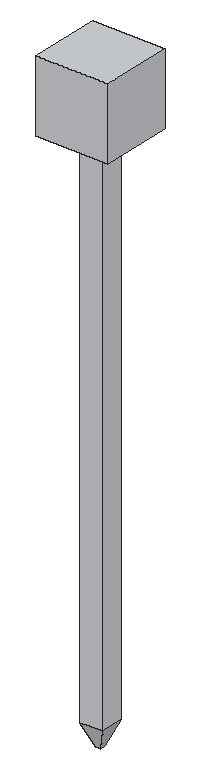
Revit family "Móng cọc 1 tim", category Structural Foundations, Revit 2018
Family settings
  Material for Model Behavior = Other
  Cap = No
  OmniClass Number = 23.25.05.00
  OmniClass Title = Foundations
  Work Plane-Based = No
  Always vertical = Yes
  Cut with Voids When Loaded = No
  Shared = No
Parameters
  a-ngam = 100 mm
  a = 50 mm
  Vật liệu móng = none
  Vật liệu cọc = none
  Lc = 6000 mm
  L = 800 mm
  H = 800 mm
  Bc = 250 mm
  B = 800 mm
Reference planes
  plane 1 "Center (Front/Back)": y = 0
  plane 2: z = 0
  plane 3 "Center (Left/Right)": x = 0
  plane 4: x = 400
  plane 5: x = -400
  plane 6: y = -400
  plane 7: y = 400
  plane 8: z = 800
  plane 9: z = 100
Forms (mm)
  Extrusion 1, solid, material <- "Vật liệu móng"
    sketch origin (0, 0, 0) x (1, 0, 0) y (0, 1, 0)
      loop
        line (-400, 400) -> (-400, -400) -> (400, -400) -> (400, 400) -> (-400, 400)
    from 0 to 800
Dimensions and locks
  equal spacing: plane 5, plane 3 "Center (Left/Right)", plane 4
  "B": plane 5 to plane 4
  equal spacing: plane 6, plane 1 "Center (Front/Back)", plane 7
  "L": plane 6 to plane 7
  "H": plane 8 to level
  "a-ngam": plane 9 to level
  aligned and locked: plane 2 to level
  aligned and locked: plane 1 "Center (Front/Back)" to nested 1
  aligned and locked: plane 3 "Center (Left/Right)" to nested 1
  aligned and locked: plane 9 to nested 1
  aligned and locked: plane 7 to Extrusion 1 sketch curve
  aligned and locked: plane 5 to Extrusion 1 sketch curve
  aligned and locked: Extrusion 1 sketch curve to plane 6
  aligned and locked: Extrusion 1 sketch curve to plane 4
  aligned and locked: plane 8 to Extrusion 1
  aligned and locked: Extrusion 1 to level
Nested families
  nested 1: "Đoạn cọc ép 250x250mm" at (0, 0, 100), type "Đoạn cọc ép 250x250mm"
Definition of nested family "Đoạn cọc ép 250x250mm"
  Parameters (values of type "Đoạn cọc ép 250x250mm")
    a = 50 mm
    Vật liệu cọc = none
    L = 6000 mm
    B = 250 mm
  Reference planes
    plane 1 "Center (Front/Back)": y = 0
    plane 2: z = 0
    plane 3 "Center (Left/Right)": x = 0
    plane 4: x = 125
    plane 5: x = -125
    plane 6: y = -125
    plane 7: y = 125
    plane 8: z = -6000
    plane 9: z = -6250
    plane 10: x = 25
    plane 11: x = -25
    plane 12: y = 25
    plane 13: y = -25
  Forms (mm)
    Extrusion 1, solid, material <- "Vật liệu cọc"
      sketch origin (0, 0, 0) x (1, 0, 0) y (0, 1, 0)
        loop
          line (-125, 125) -> (-125, -125) -> (125, -125) -> (125, 125) -> (-125, 125)
      from -6000 to 0
    Blend 2, solid, material <- "Vật liệu cọc"
      base sketch origin (0, 0, 0) x (1, 0, 0) y (0, 1, 0)
        loop
          line (-25, 25) -> (-25, -25) -> (25, -25) -> (25, 25) -> (-25, 25)
      top sketch origin (0, 0, 0) x (1, 0, 0) y (0, 1, 0)
        loop
          line (-125, 125) -> (-125, -125) -> (125, -125) -> (125, 125) -> (-125, 125)
      from -6250 to -6000
  Cuts and joins
    joined: Extrusion 1, Blend 2
  Dimensions and locks
    equal spacing: plane 6, plane 1 "Center (Front/Back)", plane 7
    equal spacing: plane 5, plane 3 "Center (Left/Right)", plane 4
    "B": plane 6 to plane 7
    "B": plane 5 to plane 4
    "L": level to plane 8
    "B": plane 8 to plane 9
    equal spacing: plane 13, plane 1 "Center (Front/Back)", plane 12
    "a": plane 13 to plane 12
    equal spacing: plane 11, plane 3 "Center (Left/Right)", plane 10
    "a": plane 11 to plane 10
    aligned and locked: level to plane 2
    aligned and locked: plane 7 to Extrusion 1 sketch curve
    aligned and locked: plane 5 to Extrusion 1 sketch curve
    aligned and locked: Extrusion 1 sketch curve to plane 6
    aligned and locked: Extrusion 1 sketch curve to plane 4
    aligned and locked: Extrusion 1 to plane 8
    aligned and locked: level to Extrusion 1
    aligned and locked: Blend 2 sketch curve to Extrusion 1  (x4)
    aligned and locked: Blend 2 to plane 9
    aligned and locked: plane 8 to Blend 2
    aligned and locked: plane 12 to Blend 2 sketch curve
    aligned and locked: Blend 2 sketch curve to plane 10
    aligned and locked: Blend 2 sketch curve to plane 13
    aligned and locked: plane 11 to Blend 2 sketch curve
